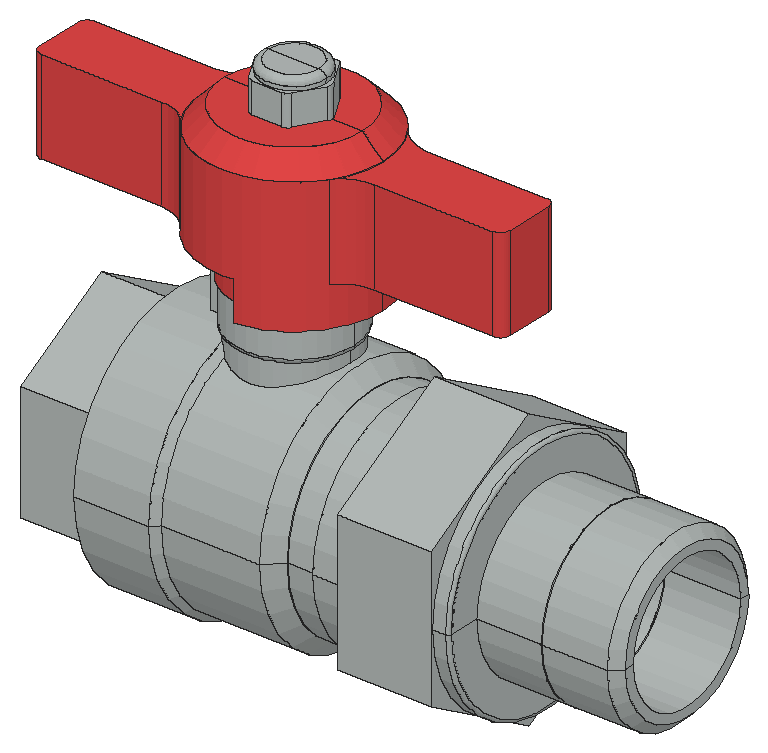
Revit family "QD02600000", category Apparecchi idraulici, Revit 2020
Family settings
  Quota connettore circolare = Usa diametro
  Tipo di parte = Normale
  Numero OmniClass = 23.45.00.00
  Titolo OmniClass = Sanitary, Laundry, and Cleaning Equipment
  Basato su piano di lavoro = No
  Sempre verticale = Sì
  Taglio con vuoti quando caricato = No
  Condiviso = No
  Punto di calcolo locali = No
Parameters
  URL = "https://web.cimberio.it/index.php/figura/411?subcategoria_id=43096"
  Temperatura di esercizio = "-20 ÷ 120°C"
  Prospetto di default = 0 mm
  Produttore = "CIMBERIO SPA"
  Pressione nominale = "PN 25"
  Modello = "Cim 346"
  Materiale = "Prodotto in lega di ottone conforme alla norma EN 12165-CW617N-DW"
  Descrizione = "Utilizzato nei più svariati settori dell'impiantistica: impianti di riscaldamento, condizionamento, idrici, igienico-sanitari, aria compressa e in generale con ogni fluido non corrosivo"
  DN Model [instance] = QD02602128 : QD02602128
  DN [instance] = 20 mm
  Commenti sul tipo = "Realizzato in ottemperanza ai requisiti gestionali della norma EN ISO 9001.\r\nCollaudato al 100% secondo la normativa EN 12266-1"
Reference planes
  plane 1 "Centro (Fronte/Retro)": y = 0
  plane 2: z = 0
  plane 3 "Centro (Sinistra/Destra)": x = 0
Dimensions and locks
  aligned and locked: level to plane 2
Nested families
  nested 1: "QD02602128" at (0, 0, 0), type <- "DN Model", type "QD02602128"
  nested 2: "QD02602128" at (0, 0, 0), type <- "DN Model", type "QD02602128"
  nested 3: "QD02602128" at (0, 0, 0), type <- "DN Model", type "QD02602128"
  nested 4: "QD02602128" at (0, 0, 0), type <- "DN Model", type "QD02602128"
  nested 5: "QD02602128" at (0, 0, 0), type <- "DN Model", type "QD02602128"
Connectors
  piping at (58.4, 0, 0), diameter 20, driven by "DN"
    settings: on nested 1, index 1, connector inside diameter 609.6 mm, connector length 0 mm, flow factor 0, pipe flow 0.0 L/s, pressure drop 0.0 Pa, fitting loss kfactor 0, connector angle 0.00°, fixture units 0, engagement length 0 mm, angle of deflection 0.00°, flow configuration 0, flow direction 0, fitting loss method 0, system type 7, joint type 0, gender type 0, connector reference index -1, connector utility 0, adjustable connector no, is connector primary yes, connector description ""
  piping at (-28.6, 0, 0), diameter 20, driven by "DN"
    settings: on nested 1, index 2, connector inside diameter 609.6 mm, connector length 0 mm, flow factor 0, pipe flow 0.0 L/s, pressure drop 0.0 Pa, fitting loss kfactor 0, connector angle 0.00°, fixture units 0, engagement length 0 mm, angle of deflection 0.00°, flow configuration 0, flow direction 0, fitting loss method 0, system type 7, joint type 0, gender type 0, connector reference index -1, connector utility 0, adjustable connector no, is connector primary no, connector description ""
Definition of nested family "QD02602128"
  Parameters (values of type "QD02602128")
    Default Elevation = 0 mm
  Reference planes
    plane 1 "Centro (Fronte/Retro)": y = 0
    plane 2: z = 0
    plane 3 "Centro (Sinistra/Destra)": x = 0
  Forms (mm)
    Revolve 1, solid
      sketch origin (0, 0, 0) x (1, 0, 0) y (0, 1, 0)
        loop
          line (-17.1, 10) -> (12, 10) -> (12, 16.25) -> (9.75, 18.5) -> (-5, 18.5) -> (-6, 19.5) -> (-17.1, 19.5) -> (-17.1, 10)
        axis (-17.1, 0) -> (12, 0)
      angle from 0 to 360
    Extrusion 2, solid
      sketch origin (0, 0, 0) x (0, 1, 0) y (0, 0, 1)
        loop
          circle (0, 0) r 10
        loop
          line (0, 20.75) -> (-17.97, 10.375) -> (-17.97, -10.375) -> (0, -20.75) -> (17.97, -10.375) -> (17.97, 10.375) -> (0, 20.75)
      from 20.9 to 34.893
    Revolve 3, solid
      sketch origin (0, 0, 0) x (1, 0, 0) y (0, 0, 1)
        loop
          line (0.065, 27.317) -> (0.065, 10.2) -> (8.5, 10.2) -> (8.5, 20.16)
          arc (8.5, 20.16) -> (8.86, 20.393) -> (9, 20.8) r 0.66
          line (9, 20.8) -> (9, 27.317) -> (0.065, 27.317)
        axis (0.065, 27.317) -> (0.065, 10.2)
      angle from 0 to 360
    Extrusion 4, solid
      sketch origin (0, 0, 6.562) x (1, 0, 0) y (0, 0, 1)
        loop
          line (-13, 26.3) -> (-13, 21) -> (-11, 19.845) -> (-11, 10.135) -> (-7.793, 10.135) -> (-7.793, 26.3) -> (-13, 26.3)
      from 0 to 1.742
    Revolve 5, solid
      sketch origin (0, 0, 0) x (1, 0, 0) y (0, 0, 1)
        loop
          line (0, 28.8) -> (-5.984, 28.8) -> (-7.003, 28.281) -> (-7.003, 26.625) -> (0, 26.625) -> (0, 28.8)
        axis (0, 28.8) -> (0, 26.625)
      angle from 0 to 360
    Revolve 6, solid
      sketch origin (0, 0, 3.994) x (1, 0, 0) y (0, 0, 1)
        loop
          line (0, 45.8) -> (-10.25, 45.806) -> (-13.25, 42.806) -> (-13.25, 22.955) -> (-7.25, 22.955) -> (-7.25, 33.512) -> (0, 33.512) -> (0, 45.8)
        axis (0, 45.806) -> (0, 22.955)
      angle from 0 to 360
    Extrusion 7, solid
      sketch origin (0, 0, 0) x (1, 0, 0) y (0, 1, 0)
        loop
          line (5.462, 0.547) -> (3.193, 4.475)
          arc (3.193, 4.475) -> (2.807, 4.862) -> (2.279, 5.003) r 1.056
          line (2.279, 5.003) -> (-2.264, 5.003)
          arc (-2.264, 5.003) -> (-2.805, 4.858) -> (-3.201, 4.462) r 1.082
          line (-3.201, 4.462) -> (-5.46, 0.55)
          arc (-5.46, 0.55) -> (-5.607, 0) -> (-5.46, -0.55) r 1.1
          line (-5.46, -0.55) -> (-3.2, -4.464)
          arc (-3.2, -4.464) -> (-2.805, -4.859) -> (-2.266, -5.003) r 1.078
          line (-2.266, -5.003) -> (2.25, -5.003)
          arc (2.25, -5.003) -> (2.803, -4.855) -> (3.208, -4.45) r 1.106
          line (3.208, -4.45) -> (5.462, -0.547)
          arc (5.462, -0.547) -> (5.608, 0) -> (5.462, 0.547) r 1.093
      from 54.3 to 49.794
    Revolve 8, solid
      sketch origin (0, 0, 4.001) x (1, 0, 0) y (0, 0, 1)
        loop
          line (0, 51.8) -> (0, 49.682) -> (4.75, 49.682) -> (4.75, 50.8)
          arc (4.75, 50.8) -> (4.457, 51.507) -> (3.75, 51.8) r 1
          line (3.75, 51.8) -> (0, 51.8)
        axis (0, 51.8) -> (0, 49.682)
      angle from 0 to 360
    Revolve 9, solid
      sketch origin (0, 0, 0) x (1, 0, 0) y (0, 1, 0)
        loop
          line (12.028, 16.25) -> (12.028, 10) -> (15.986, 10) -> (15.986, 16.25) -> (12.028, 16.25)
        axis (12.028, 0) -> (15.986, 0)
      angle from 0 to 360
    Revolve 10, solid
      sketch origin (0, 0, 0) x (1, 0, 0) y (0, 1, 0)
        loop
          line (20.926, 16.475) -> (15.986, 16.475) -> (15.986, 10) -> (20.926, 10) -> (20.926, 16.475)
        axis (15.986, 0) -> (20.926, 0)
      angle from 0 to 360
    Revolve 11, solid
      sketch origin (5, 0, 0) x (1, 0, 0) y (0, 1, 0)
        loop
          line (29.893, 10) -> (32.4, 10) -> (32.4, 17.5)
          arc (32.4, 17.5) -> (32.254, 17.854) -> (31.9, 18) r 0.5
          line (31.9, 18) -> (29.893, 18) -> (29.893, 10)
        axis (29.893, 0) -> (32.4, 0)
      angle from 0 to 360
    Revolve 12, solid
      sketch origin (0, 0, 0) x (1, 0, 0) y (0, 1, 0)
        loop
          line (37.4, 12.9) -> (37.4, 10) -> (47.112, 10) -> (47.112, 12.9) -> (37.4, 12.9)
        axis (37.4, 0) -> (47.112, 0)
      angle from 0 to 360
    Revolve 13, solid
      sketch origin (7, 0, 0) x (1, 0, 0) y (0, 1, 0)
        loop
          line (40.068, 12.9) -> (40.068, 10) -> (51.4, 10) -> (51.4, 11.4) -> (49.9, 12.9) -> (40.068, 12.9)
        axis (40.068, 0) -> (51.4, 0)
      angle from 0 to 360
    Extrusion 14, void
      sketch origin (0, 0, 0) x (1, 0, 0) y (0, 1, 0)
        loop
          line (-9.25, 0) -> (-14.077, 0)
          arc (-14.077, 0) -> (-9.371, -10.505) -> (1.6, -13.986) r 14.077
          line (1.6, -13.986) -> (1.6, -9.111)
          arc (1.6, -9.111) -> (-5.948, -7.084) -> (-9.25, 0) r 9.25
      from 26.3 to 32.8
    Extrusion 15, solid
      sketch origin (0, 0, 0) x (0, 1, 0) y (0, 0, 1)
        loop
          circle (0, 0) r 10
        loop
          line (0, 17.45) -> (-15.112, 8.725) -> (-15.112, -8.725) -> (0, -17.45) -> (15.112, -8.725) -> (15.112, 8.725) -> (0, 17.45)
      from -28.6 to -17.1
    Extrusion 16, solid
      sketch origin (0, 0, 0) x (1, 0, 0) y (0, 1, 0)
        loop
          arc (-33.5, 5) -> (-34.561, 4.561) -> (-35, 3.5) r 1.5
          line (-35, 3.5) -> (-35, -3.5)
          arc (-35, -3.5) -> (-34.561, -4.561) -> (-33.5, -5) r 1.5
          line (-33.5, -5) -> (-15.798, -5)
          arc (-15.798, -5) -> (-13.02, -5.682) -> (-10.874, -7.571) r 6
          arc (-10.874, -7.571) -> (-13.25, 0) -> (-10.874, 7.571) r 13.25
          arc (-10.874, 7.571) -> (-13.02, 5.682) -> (-15.798, 5) r 6
          line (-15.798, 5) -> (-33.5, 5)
        loop
          line (33.5, 5) -> (15.798, 5)
          arc (15.798, 5) -> (13.02, 5.682) -> (10.874, 7.571) r 6
          arc (10.874, 7.571) -> (13.25, 0) -> (10.874, -7.571) r 13.25
          arc (10.874, -7.571) -> (13.02, -5.682) -> (15.798, -5) r 6
          line (15.798, -5) -> (33.5, -5)
          arc (33.5, -5) -> (34.561, -4.561) -> (35, -3.5) r 1.5
          line (35, -3.5) -> (35, 3.5)
          arc (35, 3.5) -> (34.561, 4.561) -> (33.5, 5) r 1.5
      from 32.863 to 46.8
  Cuts and joins
    Extrusion 14 cuts Revolve 6
  Dimensions and locks
    aligned and locked: level to plane 2
